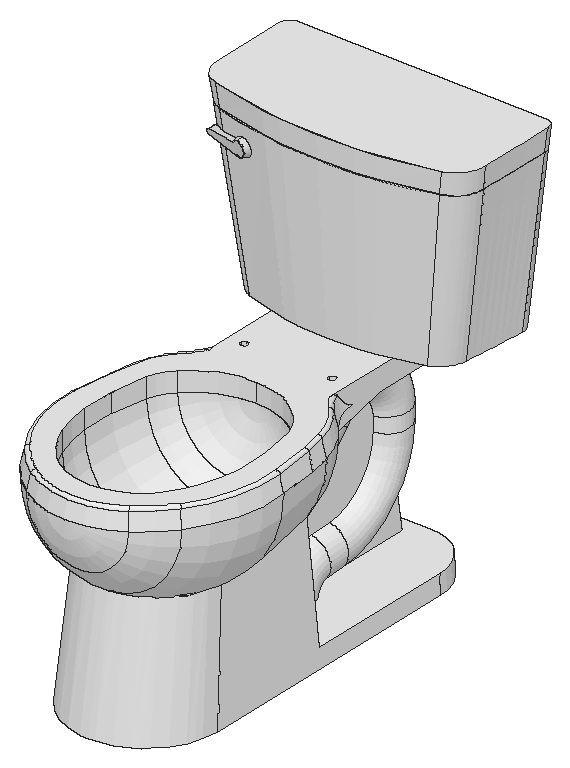
Revit family "Plumbing-Pressure-Assist-Water-Closet-Sloan-Valve-WETS-80098010_", category Plumbing Fixtures, host Face, Revit 2019 (continued)
Automatic sketch dimensions
  Extrusion 16 sketch curve to Extrusion 16 sketch curve = 18.15103"  (x2)
  Extrusion 16 sketch curve to Extrusion 16 sketch curve = 4"  (x2)
  Extrusion 16 sketch curve to Extrusion 16 sketch curve = 2.01849"
  Extrusion 16 sketch curve to Extrusion 16 sketch curve = 0.52667"  (x2)
  Extrusion 16 sketch curve to Extrusion 16 sketch curve = 1.24583"
  Extrusion 16 sketch curve to Extrusion 16 sketch curve = 1.55117"  (x2)
  Extrusion 16 sketch curve to Extrusion 16 sketch curve = 1.66402"
  Extrusion 16 sketch curve to Extrusion 16 sketch curve = 3.26432"
  Extrusion 16 sketch curve to Extrusion 16 sketch curve = 13.39952"
  Extrusion 16 sketch curve to Extrusion 16 sketch curve = 2.22418"  (x2)
  Extrusion 16 sketch curve to Extrusion 16 sketch curve = 0.38996"  (x2)
  Extrusion 16 sketch curve to Extrusion 16 sketch curve = 3.913"
  Extrusion 16 sketch curve to Extrusion 16 sketch curve = 3.98247"
  Extrusion 16 sketch curve to Extrusion 16 sketch curve = 0.39147"  (x2)
  Extrusion 16 sketch curve to Extrusion 16 sketch curve = 2.49844"
  Extrusion 16 sketch curve to Extrusion 16 sketch curve = 4.55398"
  Extrusion 16 sketch curve to Extrusion 16 sketch curve = 0.28975"  (x2)
  plane 7 to Extrusion 17 sketch curve = 15 3/4"
  Extrusion 17 sketch curve to Extrusion 17 sketch curve = 0.92653"
  Extrusion 17 sketch curve to plane 7 = 0.34835"
  Extrusion 17 sketch curve to Extrusion 17 sketch curve = 13 1/4"
  plane 7 to Revolve 18 sketch curve = 18.41431"
  Revolve 18 sketch curve to Revolve 18 sketch curve = 1.21427"
  Revolve 18 sketch curve to Revolve 18 sketch curve = 3.141"
  Revolve 18 sketch curve to Revolve 18 sketch curve = 0.55817"
  Revolve 18 sketch curve to Revolve 18 sketch curve = 4.78572"
  Revolve 18 sketch curve to Revolve 18 sketch curve = 1.12242"
  Revolve 18 sketch curve to Revolve 18 sketch curve = 1.54616"
  Revolve 18 sketch curve to Revolve 18 sketch curve = 1.91616"
  Revolve 18 sketch curve to Revolve 18 sketch curve = 0.22012"
  Revolve 18 sketch curve to Revolve 18 sketch curve = 2.15467"
  Revolve 18 sketch curve to Revolve 18 sketch curve = 4.85057"
  Revolve 18 sketch curve to Revolve 18 sketch curve = 4.53114"
  Revolve 18 sketch curve to Revolve 18 sketch curve = 0"  (x5)
  Revolve 18 sketch curve to Revolve 18 sketch curve = 2.34667"
  Revolve 18 sketch curve to Revolve 18 sketch curve = 1/2"
  Extrusion 19 sketch curve to Extrusion 19 sketch curve = 0"  (x12)
  plane 7 to Extrusion 19 sketch curve = 0"
  plane 7 to Extrusion 19 sketch curve = 6 1/128"  (x2)
  Extrusion 19 sketch curve to Extrusion 19 sketch curve = 1/4"
  Extrusion 19 sketch curve to Extrusion 19 sketch curve = 1/2"
  Extrusion 19 sketch curve to Extrusion 19 sketch curve = 1 3/4"  (x2)
  Extrusion 19 sketch curve to Extrusion 19 sketch curve = 8 3/8"
  Extrusion 19 sketch curve to Extrusion 19 sketch curve = 14 1/4"
  Extrusion 19 sketch curve to Extrusion 19 sketch curve = 1 1/4"
  Extrusion 19 sketch curve to plane 7 = 19.0791"
  plane 7 to Extrusion 20 sketch curve = 11 3/8"
  Extrusion 20 sketch curve to Extrusion 20 sketch curve = 6"
  Extrusion 20 sketch curve to Extrusion 20 sketch curve = 0"
  plane 11 to Blend 21 sketch curve = 23 1/2"
  Blend 21 sketch curve to Blend 21 sketch curve = 3 1/2"  (x2)
  Blend 21 sketch curve to Blend 21 sketch curve = 4 7/8"
  Blend 21 sketch curve to Blend 21 sketch curve = 2 3/4"
  plane 11 to Blend 21 sketch curve = 4 67/128"
  plane 11 to Blend 21 sketch curve = 22.25397"
  plane 11 to Blend 21 sketch curve = 1 3/128"
  Blend 21 sketch curve to Blend 21 sketch curve = 4 5/16"
  Blend 21 sketch curve to Blend 21 sketch curve = 1 5/8"
  plane 11 to Extrusion 22 sketch curve = 13.77953"
  Extrusion 22 sketch curve to Extrusion 22 sketch curve = 5.00662"
  Extrusion 22 sketch curve to Extrusion 22 sketch curve = 1.37144"
  Extrusion 22 sketch curve to Extrusion 22 sketch curve = 0.83072"
  plane 11 to Extrusion 22 sketch curve = 2.01421"
  plane 11 to Extrusion 22 sketch curve = 1.80632"
  Extrusion 22 sketch curve to Extrusion 22 sketch curve = 1.24829"
  Extrusion 22 sketch curve to Extrusion 22 sketch curve = 2.7937"
  plane 11 to Sweep 23 sketch curve = 16.44118"
  plane 11 to Sweep 23 sketch curve = 11 1/4"
  Sweep 23 sketch curve to Sweep 23 sketch curve = 1.57944"
  Sweep 23 sketch curve to Sweep 23 sketch curve = 1.66667"
  Sweep 23 sketch curve to Sweep 23 sketch curve = 1.22254"
  Sweep 23 sketch curve to Sweep 23 sketch curve = 1.50376"
  Sweep 23 sketch curve to Sweep 23 sketch curve = 2.37343"
  Sweep 23 sketch curve to Sweep 23 sketch curve = 3"
  Sweep 23 sketch curve to Sweep 23 sketch curve = 0.23912"
  Sweep 23 sketch curve to Sweep 23 sketch curve = 0.07881"
  Sweep 23 sketch curve to Sweep 23 sketch curve = 2.19457"
  Sweep 23 sketch curve to Sweep 23 sketch curve = 1.02691"
  Sweep 23 sketch curve to Sweep 23 sketch curve = 6.01869"
  Sweep 23 sketch curve to Sweep 23 sketch curve = 5.81653"
  Sweep 23 sketch curve to Sweep 23 sketch curve = 0.44425"
  Sweep 23 sketch curve to Sweep 23 sketch curve = 0"
  Sweep 23 sketch curve to Sweep 23 sketch curve = 1.19248"
  Sweep 23 sketch curve to profile plane = 0"  (x2)
  plane 11 to Extrusion 24 sketch curve = 25.07129"
  Extrusion 24 sketch curve to Extrusion 24 sketch curve = 6.25633"
  Extrusion 24 sketch curve to Extrusion 24 sketch curve = 0.50463"
  Extrusion 24 sketch curve to Extrusion 24 sketch curve = 7.2727"
  Extrusion 24 sketch curve to Extrusion 24 sketch curve = 1.99428"
  Extrusion 24 sketch curve to Extrusion 24 sketch curve = 1.03117"
  plane 11 to Extrusion 24 sketch curve = 2.02153"
  plane 11 to Extrusion 24 sketch curve = 1.93503"
  Extrusion 24 sketch curve to plane 11 = 12.09356"
  Extrusion 24 sketch curve to Extrusion 24 sketch curve = 3.6955"
  Extrusion 24 sketch curve to Extrusion 24 sketch curve = 5.768"
  Extrusion 24 sketch curve to Extrusion 24 sketch curve = 4 19/256"
  Extrusion 24 sketch curve to Extrusion 24 sketch curve = 4.71404"
  Extrusion 24 sketch curve to Extrusion 24 sketch curve = 3.46658"
  Extrusion 24 sketch curve to Extrusion 24 sketch curve = 0.2571"
  Extrusion 24 sketch curve to Extrusion 24 sketch curve = 0"
  plane 8 to Blend 25 sketch curve = 0.21467"
  plane 8 to Blend 25 sketch curve = 0.58558"
  plane 11 to Blend 25 sketch curve = 5/16"
  plane 8 to Blend 25 sketch curve = 0.96182"
  Blend 25 sketch curve to Blend 25 sketch curve = 1.99239"
  plane 8 to Blend 25 sketch curve = 7 15/16"
  plane 9 to Blend 25 sketch curve = 2.57797"
  plane 9 to Blend 25 sketch curve = 0.96182"
  plane 9 to Blend 25 sketch curve = 0.58558"
  plane 9 to Blend 25 sketch curve = 0.21467"
  Blend 25 sketch curve to Blend 25 sketch curve = 3/4"  (x2)
  Blend 25 sketch curve to Blend 25 sketch curve = 4.13053"  (x2)
  Blend 25 sketch curve to Blend 25 sketch curve = 0.17431"  (x2)
  Blend 25 sketch curve to plane 11 = 9.28691"
  Blend 25 sketch curve to Blend 25 sketch curve = 0"  (x2)
  plane 11 to Blend 25 sketch curve = 0"
  plane 11 to Blend 25 sketch curve = 6 1/128"  (x2)
  plane 11 to Blend 25 sketch curve = 3/4"  (x2)
  Blend 25 sketch curve to Blend 25 sketch curve = 2"
  Blend 25 sketch curve to Blend 25 sketch curve = 8 3/8"
  Blend 25 sketch curve to Blend 25 sketch curve = 14 1/4"
  Blend 25 sketch curve to Blend 25 sketch curve = 1 1/4"
  Blend 25 sketch curve to plane 11 = 19.0791"
  Extrusion 26 sketch curve to Extrusion 26 sketch curve = 2.41998"
  Extrusion 26 sketch curve to Extrusion 26 sketch curve = 0.01099"
  Extrusion 26 sketch curve to Extrusion 26 sketch curve = 0.0192"
  Extrusion 26 sketch curve to Extrusion 26 sketch curve = 0.16999"
  Extrusion 26 sketch curve to Extrusion 26 sketch curve = 0.15715"
  Extrusion 26 sketch curve to Extrusion 26 sketch curve = 0.78299"
  Revolve 27 sketch curve to Revolve 27 sketch curve = 0.48262"
  Revolve 27 sketch curve to Revolve 27 sketch curve = 1/2"
  Revolve 27 sketch curve to Revolve 27 sketch curve = 0.47889"
  Revolve 27 sketch curve to Revolve 27 sketch curve = 0.02676"
  Revolve 27 sketch curve to Revolve 27 sketch curve = 0.15681"
  Revolve 27 sketch curve to Revolve 27 sketch curve = 0"  (x2)
  Revolve 27 sketch curve to Revolve 27 sketch curve = 0.11261"
  plane 11 to Revolve 28 sketch curve = 18.41431"
  Revolve 28 sketch curve to Revolve 28 sketch curve = 0.38226"
  Revolve 28 sketch curve to Revolve 28 sketch curve = 213/256"
  Revolve 28 sketch curve to Revolve 28 sketch curve = 0"  (x10)
  Revolve 28 sketch curve to Revolve 28 sketch curve = 1.55117"
  Revolve 28 sketch curve to Revolve 28 sketch curve = 0.52667"
  Revolve 28 sketch curve to Revolve 28 sketch curve = 1.06316"
  Revolve 28 sketch curve to Revolve 28 sketch curve = 0.55817"
  Revolve 28 sketch curve to Revolve 28 sketch curve = 4.78572"
  Revolve 28 sketch curve to Revolve 28 sketch curve = 17.76248"
  Revolve 28 sketch curve to Revolve 28 sketch curve = 1.12242"
  Revolve 28 sketch curve to Revolve 28 sketch curve = 1.54616"
  Revolve 28 sketch curve to Revolve 28 sketch curve = 1.91616"
  Revolve 28 sketch curve to Revolve 28 sketch curve = 0.22012"
  Revolve 28 sketch curve to Revolve 28 sketch curve = 0.002"
  Revolve 28 sketch curve to Revolve 28 sketch curve = 0.38996"
  Revolve 28 sketch curve to Revolve 28 sketch curve = 2.4971"
  Revolve 28 sketch curve to Revolve 28 sketch curve = 1.76271"
  Revolve 28 sketch curve to Revolve 28 sketch curve = 0.46147"
  Revolve 28 sketch curve to Revolve 28 sketch curve = 1.76813"
  Revolve 28 sketch curve to Revolve 28 sketch curve = 2.37097"
  Revolve 28 sketch curve to Revolve 28 sketch curve = 1.94676"
  Revolve 28 sketch curve to Revolve 28 sketch curve = 0.65231"
  Revolve 28 sketch curve to Revolve 28 sketch curve = 3.62883"
  Revolve 28 sketch curve to Revolve 28 sketch curve = 2.41279"
  Revolve 28 sketch curve to Revolve 28 sketch curve = 0.18389"
  Revolve 28 sketch curve to Revolve 28 sketch curve = 1/2"
  Extrusion 29 sketch curve to Extrusion 29 sketch curve = 0.67182"
  Extrusion 29 sketch curve to Extrusion 29 sketch curve = 1.77234"
  Extrusion 29 sketch curve to Extrusion 29 sketch curve = 1.545"  (x2)
  Extrusion 29 sketch curve to Extrusion 29 sketch curve = 93/128"
  Extrusion 29 sketch curve to Extrusion 29 sketch curve = 0.40828"
  Extrusion 29 sketch curve to Extrusion 29 sketch curve = 2.54228"
  Extrusion 29 sketch curve to Extrusion 29 sketch curve = 2.74948"
  Blend 30 sketch curve to Blend 30 sketch curve = 0.99706"
  Blend 30 sketch curve to Blend 30 sketch curve = 0.24541"
  Blend 30 sketch curve to Blend 30 sketch curve = 1 13/16"
  Blend 30 sketch curve to Blend 30 sketch curve = 0.37271"
  Blend 31 sketch curve to Blend 31 sketch curve = 1 13/16"  (x2)
  Blend 31 sketch curve to Blend 31 sketch curve = 0.37271"
  Blend 31 sketch curve to Blend 31 sketch curve = 1.15396"
  plane 11 to Sweep 32 sketch curve = 26.57715"
  Sweep 32 sketch curve to Sweep 32 sketch curve = 9.12902"
  Sweep 32 sketch curve to Sweep 32 sketch curve = 0.84594"
  Sweep 32 sketch curve to Sweep 32 sketch curve = 3.46596"
  Sweep 32 sketch curve to Sweep 32 sketch curve = 1.9345"
  Sweep 32 sketch curve to Sweep 32 sketch curve = 0.18533"
  Sweep 32 sketch curve to Sweep 32 sketch curve = 1.3913"
  Sweep 32 sketch curve to Sweep 32 sketch curve = 1.1687"
  Sweep 32 sketch curve to Sweep 32 sketch curve = 3.42714"
  Sweep 32 sketch curve to Sweep 32 sketch curve = 1.86098"
  Sweep 32 sketch curve to Sweep 32 sketch curve = 1.34254"
  Sweep 32 sketch curve to Sweep 32 sketch curve = 1.96082"
  Sweep 32 sketch curve to Sweep 32 sketch curve = 0"  (x3)
  Sweep 32 sketch curve to Sweep 32 sketch curve = 2.59819"
  Sweep 32 sketch curve to profile plane = 0"
  Sweep 32 sketch curve to profile plane = 0.99706"  (x2)
  Sweep 33 sketch curve to Sweep 33 sketch curve = 0"  (x10)
  Sweep 33 sketch curve to plane 10 = 0"  (x4)
  plane 10 to Sweep 33 sketch curve = 5.70094"  (x2)
  plane 11 to Sweep 33 sketch curve = 10.88962"
  Sweep 33 sketch curve to Sweep 33 sketch curve = 18.15103"  (x2)
  Sweep 33 sketch curve to Sweep 33 sketch curve = 4"  (x2)
  Sweep 33 sketch curve to Sweep 33 sketch curve = 2.01849"
  Sweep 33 sketch curve to Sweep 33 sketch curve = 0.52667"  (x2)
  Sweep 33 sketch curve to Sweep 33 sketch curve = 1.24583"
  Sweep 33 sketch curve to Sweep 33 sketch curve = 1.55117"  (x2)
  Sweep 33 sketch curve to Sweep 33 sketch curve = 1.66402"
  Sweep 33 sketch curve to Sweep 33 sketch curve = 3.26432"
  plane 10 to Sweep 33 sketch curve = 4.99179"
  Sweep 33 sketch curve to Sweep 33 sketch curve = 2.22418"
  Sweep 33 sketch curve to Sweep 33 sketch curve = 0.38996"  (x2)
  Sweep 33 sketch curve to Sweep 33 sketch curve = 3.913"
  Sweep 33 sketch curve to Sweep 33 sketch curve = 6.87238"
  Sweep 33 sketch curve to Sweep 33 sketch curve = 5.26793"
  Sweep 33 sketch curve to Sweep 33 sketch curve = 0.29604"  (x2)
  Sweep 33 sketch curve to Sweep 33 sketch curve = 4.31887"  (x2)
  Sweep 33 sketch curve to profile plane = 0"
  Sweep 33 sketch curve to profile plane = 0.25828"
  Sweep 33 sketch curve to Sweep 33 sketch curve = 0.24359"
  Sweep 33 sketch curve to profile plane = 0.71616"
  profile plane to Sweep 33 sketch curve = 14 3/16"
  Sweep 33 sketch curve to Sweep 33 sketch curve = 1 1/16"
  Sweep 33 sketch curve to Sweep 33 sketch curve = 0.05624"
  Extrusion 34 sketch curve to Extrusion 34 sketch curve = 0"  (x18)
  plane 11 to Extrusion 34 sketch curve = 21.08289"
  Extrusion 34 sketch curve to Extrusion 34 sketch curve = 4.78572"  (x2)
  Extrusion 34 sketch curve to Extrusion 34 sketch curve = 0.55817"  (x2)
  Extrusion 34 sketch curve to Extrusion 34 sketch curve = 1.92673"  (x2)
  Extrusion 34 sketch curve to Extrusion 34 sketch curve = 3.141"
  Extrusion 34 sketch curve to Extrusion 34 sketch curve = 1.21427"  (x2)
  Extrusion 34 sketch curve to Extrusion 34 sketch curve = 0.37"  (x2)
  Extrusion 34 sketch curve to Extrusion 34 sketch curve = 0.22012"  (x2)
  Extrusion 34 sketch curve to Extrusion 34 sketch curve = 2.15467"
  Extrusion 34 sketch curve to Extrusion 34 sketch curve = 2.13627"
  Extrusion 34 sketch curve to Extrusion 34 sketch curve = 1.12242"  (x2)
  Extrusion 34 sketch curve to Extrusion 34 sketch curve = 1.58443"
  Extrusion 34 sketch curve to Extrusion 34 sketch curve = 1.57431"  (x2)
  Extrusion 35 sketch curve to Extrusion 35 sketch curve = 0"  (x13)
  plane 11 to Extrusion 35 sketch curve = 23.57999"  (x2)
  plane 11 to Extrusion 35 sketch curve = 10.88962"
  Extrusion 35 sketch curve to Extrusion 35 sketch curve = 18.15103"  (x2)
  Extrusion 35 sketch curve to Extrusion 35 sketch curve = 4"  (x2)
  Extrusion 35 sketch curve to Extrusion 35 sketch curve = 2.01849"
  Extrusion 35 sketch curve to Extrusion 35 sketch curve = 0.52667"  (x2)
  Extrusion 35 sketch curve to Extrusion 35 sketch curve = 1.24583"
  Extrusion 35 sketch curve to Extrusion 35 sketch curve = 1.55117"  (x2)
  Extrusion 35 sketch curve to Extrusion 35 sketch curve = 1.66402"
  Extrusion 35 sketch curve to Extrusion 35 sketch curve = 3.26432"
  Extrusion 35 sketch curve to Extrusion 35 sketch curve = 13.39952"
  Extrusion 35 sketch curve to Extrusion 35 sketch curve = 2.22418"  (x2)
  Extrusion 35 sketch curve to Extrusion 35 sketch curve = 0.38996"  (x2)
  Extrusion 35 sketch curve to Extrusion 35 sketch curve = 3.913"
  Extrusion 35 sketch curve to Extrusion 35 sketch curve = 3.98247"
  Extrusion 35 sketch curve to Extrusion 35 sketch curve = 0.39147"  (x2)
  Extrusion 35 sketch curve to Extrusion 35 sketch curve = 2.49844"
  Extrusion 35 sketch curve to Extrusion 35 sketch curve = 4.55398"
  Extrusion 35 sketch curve to Extrusion 35 sketch curve = 0.28975"  (x2)
  plane 11 to Extrusion 36 sketch curve = 15 3/4"
  Extrusion 36 sketch curve to Extrusion 36 sketch curve = 0.92653"
  Extrusion 36 sketch curve to plane 11 = 0.34835"
  Extrusion 36 sketch curve to Extrusion 36 sketch curve = 13 1/4"
  plane 11 to Revolve 37 sketch curve = 18.41431"
  Revolve 37 sketch curve to Revolve 37 sketch curve = 1.21427"
  Revolve 37 sketch curve to Revolve 37 sketch curve = 3.141"
  Revolve 37 sketch curve to Revolve 37 sketch curve = 0.55817"
  Revolve 37 sketch curve to Revolve 37 sketch curve = 4.78572"
  Revolve 37 sketch curve to Revolve 37 sketch curve = 1.12242"
  Revolve 37 sketch curve to Revolve 37 sketch curve = 1.54616"
  Revolve 37 sketch curve to Revolve 37 sketch curve = 1.91616"
  Revolve 37 sketch curve to Revolve 37 sketch curve = 0.22012"
  Revolve 37 sketch curve to Revolve 37 sketch curve = 2.15467"
  Revolve 37 sketch curve to Revolve 37 sketch curve = 4.85057"
  Revolve 37 sketch curve to Revolve 37 sketch curve = 4.53114"
  Revolve 37 sketch curve to Revolve 37 sketch curve = 0"  (x5)
  Revolve 37 sketch curve to Revolve 37 sketch curve = 2.34667"
  Revolve 37 sketch curve to Revolve 37 sketch curve = 1/2"
  Extrusion 38 sketch curve to Extrusion 38 sketch curve = 0"  (x12)
  plane 11 to Extrusion 38 sketch curve = 0"
  plane 11 to Extrusion 38 sketch curve = 6 1/128"  (x2)
  Extrusion 38 sketch curve to Extrusion 38 sketch curve = 1/4"
  Extrusion 38 sketch curve to Extrusion 38 sketch curve = 1/2"
  Extrusion 38 sketch curve to Extrusion 38 sketch curve = 1 3/4"  (x2)
  Extrusion 38 sketch curve to Extrusion 38 sketch curve = 8 3/8"
  Extrusion 38 sketch curve to Extrusion 38 sketch curve = 14 1/4"
  Extrusion 38 sketch curve to Extrusion 38 sketch curve = 1 1/4"
  Extrusion 38 sketch curve to plane 11 = 19.0791"
  plane 11 to Extrusion 39 sketch curve = 11 3/8"
  Extrusion 39 sketch curve to Extrusion 39 sketch curve = 6"
  Extrusion 39 sketch curve to Extrusion 39 sketch curve = 0"
  radius of Sweep 3 sketch curve = 1 1/2"
  radius of Extrusion 20 sketch curve = 1/4"  (x2)
  radius of Sweep 23 sketch curve = 1 1/2"
  radius of Extrusion 39 sketch curve = 1/4"  (x2)
Connectors
  piping at (-152.4, 0, 254), diameter 12.7, driven by "CWFU", driven by "Cold Water Connection Diameter", driven by "Cold Water Connector Description", driven by "Valve Pressure Drop"
    settings: on Extrusion 5, index 3, connector inside diameter 1/2", connector length 0", flow factor 0, pipe flow 0 GPM, pressure drop 0.00 psi, fitting loss kfactor 0, connector angle 0.00°, fixture units 10, engagement length 0", angle of deflection 0.00°, flow configuration 3, flow direction 1, fitting loss method 4, system type 20, joint type 0, gender type 0, connector reference index -1, connector utility 0, adjustable connector no, is connector primary yes, connector description "Cold Water Connector d1/2\""
  piping at (0, -304.8, 0), diameter 53.975, driven by "Sanitary Drain Connection Diameter", driven by "Sanitary Drain Connector Description", driven by "WFU"
    settings: on Sweep 3, index 4, connector inside diameter 24", connector length 0", flow factor 0, pipe flow 0 GPM, pressure drop 0.00 psi, fitting loss kfactor 0, connector angle 0.00°, fixture units 10, engagement length 0", angle of deflection 0.00°, flow configuration 3, flow direction 2, fitting loss method 0, system type 16, joint type 0, gender type 0, connector reference index -1, connector utility 0, adjustable connector no, is connector primary no, connector description "Sanitary Drain Connector d2 1/8\""
Types (4): name | Water Closet Code | Product Material | Part Number | Model | Description
  (no name) | "2108009" | Sloan Valve - Vitreous China - White | "WETS-8009.8010" | "WETS-8009.8010" | "Floor-Mounted 1.28 gpf (4.8 Lpf) 12\" Rough-in Pressure-Assisted/Tank Toilet."
  WETS-8009.8010 | "2108009" | Sloan Valve - Vitreous China - White | "WETS-8009.8010" | "WETS-8009.8010" | "Floor-Mounted 1.28 gpf (4.8 Lpf) 12\" Rough-in Pressure-Assisted/Tank Toilet."
  WETS-8009.8010-BAA | "2108009" | Sloan Valve - Vitreous China - White | "80098010" | "WETS-8009.8010-BAA" | "Floor-Mounted 1.28 gpf (4.8 Lpf) 12\" Rough-in Pressure-Assisted/Tank Toilet."
  WETS-8009.8010-STG | "2178009" | Sloan Valve - Vitreous China - SloanTec Glaze White | "WETS-8009.8010-STG" | "WETS-8009.8010-STG" | "Floor-Mounted 1.28 gpf (4.8 Lpf) 12\" Rough-in Pressure-Assisted/Tank Toilet with SloanTec® Glaze."
